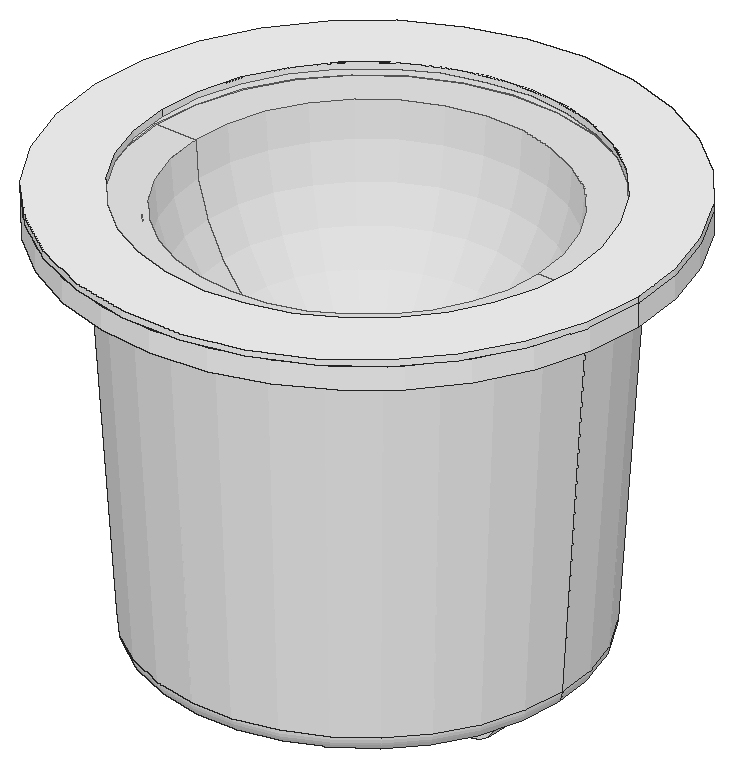
Revit family "2058956", category Lighting Fixtures, host Face, Revit 2018
Family settings
  Host = Face
  Round Connector Dimension = Use Diameter
  Part Type = Normal
  OmniClass Number = 23.80.70.11.17
  OmniClass Title = Specialized Lighting by Location or Use
  Cut with Voids When Loaded = No
  Light Source = Yes
  Shared = No
  Room Calculation Point = No
Parameters (values of type "2058956 MYRIAD DECO IP65 SP 3K PHD BK CBEZ")
  Weight = "n/a"
  Wattage = 15 W
  WarrantyStartDate [instance] = "n/a"
  WarrantyGuarantorParts = "n/a"
  WarrantyDurationUnit = "n/a"
  WarrantyDurationParts = ""
  WarrantyDescription = "http://www.sylvania-lighting.com"
  built-in parameter 1150110 = 1 (stored number, unit not read)
  Voltage = 230 V
  URL = "0"
  TypeName = "MYRIAD DECO IP65 SPOT 3000K PHDM BLACK CBEZ"
  Type Image = 0
  Type Comments = ""
  built-in parameter 1114217 = 1 (stored number, unit not read)
  Tilt Angle = -90°
  built-in parameter 1150109 = 1 (stored number, unit not read)
  built-in parameter 1150134 = (empty or 0)
  built-in parameter 1150113 = 1 (stored number, unit not read)
  SerialNumber [instance] = "n/a"
  Reflector Radius = Cutout Diameter / 2 - 2.5 mm  # 35.0 mm
  Reflector Material = Aluminum_Sylvania_Myriad_Bright
  Recessed Depth = Height  # 72.0 mm
  PowerFactor = 0
  PowerConsumption = "Lighting"
  Photometric Web File = "2058956.ies"
  NominalWidth = 0.0 mm
  NominalLength = 76.0 mm
  NominalHeight = 72.0 mm
  Name = "MYRIAD DECO IP65 SPOT 3000K PHDM BLACK CBEZ"
  ModelReference = "MYRIAD DECO IP65 SPOT 3000K PHDM BLACK CBEZ"
  ModelNumber = "2058956"
  Material = "Feilo Sylvania"
  ManufacturerName = "111 lm/W"
  LuminousEfficacy = ""
  LuminaireType = "0"
  LightOutputRatio = "LED"
  LampsType = Lamp  # "n/a"
  LampNominalLuminous = "3000 K"
  LampMacAdamStep = "90"
  LampColourTemperature = "LED"
  LampColourRenderingIndex = "16500"
  Keynote = "n/a"
  Keynote_2 = "16500"
  InstallationDate [instance] = "n/a"
  InputVoltage = "0"
  InputNominalFrequency = "3000"
  IngressProtection = "IfcLightFixtureType"
  ImpactProtectionIndex = "IfcLightFixtureType"
  IfcExportType = "IfcLightFixtureType"
  IfcExportAs = "Class II"
  Height = 72.0 mm  # constant formula
  ExpectedLife = 50000
  Emit from Circle Diameter = Accessory Inner Diameter 2  # 68.0 mm
  Emit Shape Visible in Rendering = no
  ElectricShockClassification = "111"
  DurationUnit = "hours"
  DocumentationLiterature = "http://www.sylvania-lighting.com/product/en-int/products/2058956"
  DimmingControlOptions = "n/a"
  Diffuser Material = Glass_Sylvania_Myriad_Clear_4000K
  Diffuser Diameter = Cutout Diameter  # 75.0 mm
  Cutout Diameter = 75.0 mm  # constant formula
  CreatedOn = "03/02/2022"
  CreatedBy = "@sylvania-lighting.com"
  built-in parameter 1001205 = 0
  Cost = 0
  built-in parameter 1114216 [instance] = 1 (stored number, unit not read)
  Model = "MYRIAD DECO IP65 SPOT 3000K PHDM BLACK CBEZ"
  Manufacturer = "Feilo Sylvania"  # constant formula
  built-in parameter 1150105 = 83.556 (stored number, unit not read)
  Lumens = 1050 lm
  built-in parameter 1150115 = 1 (stored number, unit not read)
  built-in parameter 1150137 = (empty or 0)
  built-in parameter 1150139 = (empty or 0)
  built-in parameter 1150112 = 1 (stored number, unit not read)
  built-in parameter 1150114 = 1 (stored number, unit not read)
  Lamp = "n/a"
  built-in parameter 1150132 = (empty or 0)
  built-in parameter 1150102 = (empty or 0)
  built-in parameter 1150107 = 2700 (stored number, unit not read)
  built-in parameter 1150138 = (empty or 0)
  built-in parameter 1150106 = 0.83556 (stored number, unit not read)
  built-in parameter 1150104 = 6.5032 (stored number, unit not read)
  Dimming Lamp Color Temperature Shift = <None>
  Description = "Supplied complete with electronic control gear Compact Fluorescent low energy downlight Emergency version passes through the cut out Ideal for low level orientation lighting New range of Architectural accessories each providing a different lit dimension New completely flush plaster up accessory ring for clean ceiling lines and smooth finish Order lamp separately"  # constant formula
  Default Elevation = 0.0 mm
  Color Filter = 16777215
  built-in parameter 1140040 [instance] = 1
  Body Radius = Reflector Radius + 1.5 mm  # 36.5 mm
  Body Material = Aluminum_Sylvania_Myriad_Gray
  BarCode [instance] = "n/a"
  built-in parameter 1114218 = 1 (stored number, unit not read)
  built-in parameter 1150133 = 10 (stored number, unit not read)
  AssetType = "Fixed"
  AssetIdentifier [instance] = "n/a"
  Assembly Code = "D5020200"
  Apparent Load = 10 VA
  Accessory Material = Aluminum_Sylvania_Myriad_White
  Accessory Inner Diameter 2 = Accessory Diameter - 22.0 mm  # 68.0 mm
  Accessory Inner Diameter 1 = Accessory Diameter - 2.0 mm  # 88.0 mm
  Accessory Diameter = Cutout Diameter + 15.0 mm  # 90.0 mm
Reference planes
  plane 1 "Center (Front/Back)": y = 0
  plane 2: z = 0
  plane 3 "Center (Left/Right)": x = 0
  plane 4: z = 2
  plane 5 "Fixture Bottom": z = 4.5
  plane 6: z = -28.5
  plane 7: z = -61.5
  plane 8 "Fixture Top": z = -67.5
  plane 9: z = 3.5
Forms (mm)
  Revolve 1, solid, material "Aluminum_Sylvania_Myriad_Bright" <- "Reflector Material", detail levels fine
    sketch origin (0, 0, 0) x (1, 0, 0) y (0, 0, 1)
      loop
        line (0, -27.515) -> (-6, -27.515)
        arc (-6, -27.515) -> (-22.333, -16.632) -> (-28.5, 2) r 30.135
        line (-28.5, 2) -> (-35, 2) -> (-35, 0) -> (-29.184, 0)
        arc (-29.184, 0) -> (-22.423, -18.18) -> (-6, -28.5) r 30.204
        line (-6, -28.5) -> (0, -28.5) -> (0, -27.515)
      axis (0, -28.5) -> (0, 2)
    angle from 0 to 360
  Revolve 2, solid, material "Aluminum_Sylvania_Myriad_Gray" <- "Body Material", detail levels fine
    sketch origin (0, 0, 0) x (1, 0, 0) y (0, 0, 1)
      loop
        line (-44, 2) -> (-44, 0) -> (-36.5, 0) -> (-32.42, -58.708)
        arc (-32.42, -58.708) -> (-31.474, -60.694) -> (-29.428, -61.5) r 3
        line (-29.428, -61.5) -> (0, -61.5) -> (0, -28.5) -> (-6, -28.5)
        arc (-6, -28.5) -> (-22.423, -18.18) -> (-29.184, 0) r 30.204
        line (-29.184, 0) -> (-35, 0) -> (-35, 2) -> (-44, 2)
      axis (0, 2) -> (0, -61.5)
    angle from 0 to 360
  Extrusion 3, solid, material "Aluminum_Sylvania_Myriad_Gray" <- "Body Material", detail levels fine
    sketch origin (0, 0, 0) x (1, 0, 0) y (0, 0, 1)
      loop
        line (-13.5, -67.5) -> (21, -67.5)
        arc (21, -67.5) -> (23.828, -66.328) -> (25, -63.5) r 4
        line (25, -63.5) -> (25, -61.5) -> (-17.5, -61.5) -> (-17.5, -63.5)
        arc (-17.5, -63.5) -> (-16.328, -66.328) -> (-13.5, -67.5) r 4
    from -4.5 to 4.5
  Extrusion 4, solid, material "Aluminum_Sylvania_Myriad_White" <- "Accessory Material", detail levels fine
    sketch origin (0, 0, 0) x (1, 0, 0) y (0, 1, 0)
      loop
        circle (0, 0) r 45
      loop
        circle (0, 0) r 44
    from 0 to 3.5
  Extrusion 5, solid, material "Aluminum_Sylvania_Myriad_White" <- "Accessory Material", detail levels fine
    sketch origin (0, 0, 0) x (1, 0, 0) y (0, 1, 0)
      loop
        circle (0, 0) r 45
      loop
        circle (0, 0) r 34
    from 3.5 to 4.5
  Extrusion 6, solid, material "Aluminum_Sylvania_Myriad_White" <- "Accessory Material", detail levels coarse+medium
    sketch origin (0, 0, 0) x (1, 0, 0) y (0, 1, 0)
      loop
        circle (0, 0) r 45
    from 0 to 4.5
  Revolve 7, solid, detail levels coarse+medium
    sketch origin (0, 0, 0) x (1, 0, 0) y (0, 0, 1)
      loop
        line (36.5, 0) -> (0, 0) -> (0, -61.5) -> (32.226, -61.5) -> (36.5, 0)
      axis (0, 0) -> (0, -61.5)
    angle from 0 to 360
  Extrusion 8, void
    sketch origin (0, 0, 0) x (1, 0, 0) y (0, 1, 0)
      loop
        circle (0, 0) r 37.5
    from -67.5 to 0
  Extrusion 9, solid, material "Glass_Sylvania_Myriad_Clear_4000K" <- "Diffuser Material", detail levels fine
    sketch origin (0, 0, 0) x (1, 0, 0) y (0, 1, 0)
      loop
        circle (0, 0) r 37.5
    from 2 to 3.5
Cuts and joins
  joined: Extrusion 4, Extrusion 5
Lines and regions (mm)
  Masking region 1
    outline origin (0, 0, 0) x (1, 0, 0) y (0, 1, 0)
      loop
        circle (0, 0) r 45
  symbolic lines
    curve 1: arc (-34, 0, 0) -> (0, 34, 0) -> (34, 0, 0) r 34
    curve 2: arc (34, 0, 0) -> (0, -34, 0) -> (-34, 0, 0) r 34
Dimensions and locks
  locked: plane 7 to plane 8 "Fixture Top" at 6
  "Body Radius": Revolve 7 sketch curve to plane 3 "Center (Left/Right)"
  locked: Revolve 7 sketch curve to Revolve 7 sketch curve at 4.274
  plane 5 "Fixture Bottom" to plane 9 to plane 4 to plane 2 to plane 6 = 1.0 mm locked, 1.5 mm locked, 2.0 mm locked, 28.5 mm locked
  "Reflector Radius": Revolve 1 sketch curve to plane 3 "Center (Left/Right)"
  Revolve 1 sketch curve to Revolve 1 sketch curve to Revolve 1 sketch curve to Revolve 1 sketch curve = 6.5 mm locked, 22.5 mm locked, 0.0 mm locked
  "Reflector Radius": plane 3 "Center (Left/Right)" to Revolve 2 sketch curve
  Revolve 2 sketch curve to Revolve 2 sketch curve to Revolve 2 sketch curve = 7.5 mm locked, 1.5 mm locked
  Revolve 2 sketch curve to Revolve 2 sketch curve to Revolve 2 sketch curve = 5.816 mm locked, 23.184 mm locked
  Revolve 2 sketch curve to Revolve 2 sketch curve to Revolve 2 sketch curve = 2.58 mm locked, 2.993 mm locked
  "Accessory Diameter": diameter of Extrusion 4 sketch curve
  "Accessory Inner Diameter 1": diameter of Extrusion 4 sketch curve
  "Accessory Diameter": diameter of Extrusion 5 sketch curve
  "Accessory Diameter": diameter of Extrusion 6 sketch curve
  "Cutout Diameter": diameter of Extrusion 8 sketch curve
  "Accessory Inner Diameter 2": diameter of Extrusion 5 sketch curve
  "Diffuser Diameter": diameter of Extrusion 9 sketch curve
  aligned and locked: plane 2 to host face
  aligned and locked: level to host face
  aligned and locked: plane 1 "Center (Front/Back)" to imposter light
  aligned and locked: plane 3 "Center (Left/Right)" to imposter light
  aligned and locked: Revolve 1 sketch curve to imposter light
  aligned and locked: Extrusion 3 sketch curve to plane 8 "Fixture Top"
  aligned and locked: plane 7 to Extrusion 3 sketch curve
  aligned and locked: Extrusion 4 to plane 2
  aligned and locked: plane 9 to Extrusion 4
  aligned and locked: Extrusion 5 to plane 9
  aligned and locked: plane 5 "Fixture Bottom" to Extrusion 5
  aligned and locked: Extrusion 6 to plane 2
  aligned and locked: plane 5 "Fixture Bottom" to Extrusion 6
  aligned and locked: Extrusion 8 to plane 8 "Fixture Top"
  aligned and locked: plane 2 to Extrusion 8
  aligned and locked: Masking region 1 sketch curve to Extrusion 6  (x2)
  aligned and locked: Extrusion 9 to plane 4
  aligned and locked: plane 9 to Extrusion 9
  aligned and locked: plane 4 to Revolve 2 sketch curve
  aligned and locked: Revolve 2 sketch curve to plane 2
  aligned and locked: curve 1 to cut or joined group of Extrusion 4, Extrusion 5
  aligned and locked: curve 2 to cut or joined group of Extrusion 4, Extrusion 5
  aligned and locked: imposter light to plane 5 "Fixture Bottom"
Automatic sketch dimensions
  host sketch curve to host sketch curve = 1305.563 mm
  host sketch curve to host sketch curve = 1283.632 mm
  Extrusion 3 sketch curve to plane 7 = 2.0 mm
  Extrusion 3 sketch curve to plane 3 "Center (Left/Right)" = 13.5 mm
  plane 3 "Center (Left/Right)" to Extrusion 3 sketch curve = 21.0 mm
  Extrusion 3 sketch curve to Extrusion 3 sketch curve = 4.0 mm
  Revolve 1 sketch curve to level = 0.0 mm
  Revolve 1 sketch curve to plane 3 "Center (Left/Right)" = 0.0 mm
  Revolve 1 sketch curve to plane 6 = 0.0 mm
  Revolve 1 sketch curve to plane 4 = 0.0 mm
  Revolve 1 sketch curve to Revolve 1 sketch curve = 0.684 mm
  level to Revolve 1 sketch curve = 0.88 mm
  Revolve 1 sketch curve to plane 4 = 0.363 mm
  Revolve 1 sketch curve to Revolve 1 sketch curve = 0.625 mm
  Revolve 1 sketch curve to plane 8 "Fixture Top" = 232.8 mm
  plane 5 "Fixture Bottom" to Revolve 1 sketch curve = 291.243 mm
  Revolve 2 sketch curve to plane 3 "Center (Left/Right)" = 0.0 mm  (x2)
  Revolve 2 sketch curve to plane 7 = 0.0 mm
  Revolve 2 sketch curve to plane 6 = 0.0 mm
  Revolve 2 sketch curve to level = 0.0 mm
  level to Revolve 2 sketch curve = 0.88 mm
  plane 7 to Revolve 2 sketch curve = 2.792 mm
  Revolve 2 sketch curve to plane 8 "Fixture Top" = 304.774 mm
  plane 5 "Fixture Bottom" to Revolve 2 sketch curve = 1137.105 mm
  Extrusion 4 sketch curve to Extrusion 4 sketch curve = 0.0 mm  (x2)
  plane 1 "Center (Front/Back)" to Extrusion 4 sketch curve = 0.0 mm
  Extrusion 4 sketch curve to plane 3 "Center (Left/Right)" = 0.0 mm
  Extrusion 5 sketch curve to Extrusion 5 sketch curve = 0.0 mm  (x2)
  plane 1 "Center (Front/Back)" to Extrusion 5 sketch curve = 0.0 mm
  Extrusion 5 sketch curve to plane 3 "Center (Left/Right)" = 0.0 mm
  plane 1 "Center (Front/Back)" to Extrusion 6 sketch curve = 0.0 mm
  Extrusion 6 sketch curve to plane 3 "Center (Left/Right)" = 0.0 mm
  Revolve 7 sketch curve to level = 0.0 mm
  Revolve 7 sketch curve to plane 3 "Center (Left/Right)" = 0.0 mm  (x2)
  Revolve 7 sketch curve to plane 7 = 0.0 mm
  Revolve 7 sketch curve to plane 8 "Fixture Top" = 304.774 mm
  plane 5 "Fixture Bottom" to Revolve 7 sketch curve = 43.226 mm
  plane 1 "Center (Front/Back)" to Extrusion 8 sketch curve = 0.0 mm
  Extrusion 8 sketch curve to plane 3 "Center (Left/Right)" = 0.0 mm
  plane 1 "Center (Front/Back)" to Extrusion 9 sketch curve = 0.0 mm
  Extrusion 9 sketch curve to plane 3 "Center (Left/Right)" = 0.0 mm
Connectors
  electrical at (-0.006, -0.019, -67.5), driven by "Apparent Load", driven by "Apparent Load"
    settings: on plane 8 "Fixture Top", index 1, voltage 230 V, apparent load 10 VA, apparent load phase1 10 VA, apparent load phase2 0 VA, apparent load phase3 0 VA, power factor 1, load classification "Lighting", number of poles 1, system type 30, power factor state 1, is connector primary yes, connector utility no, sub classification motor no, connector description ""
